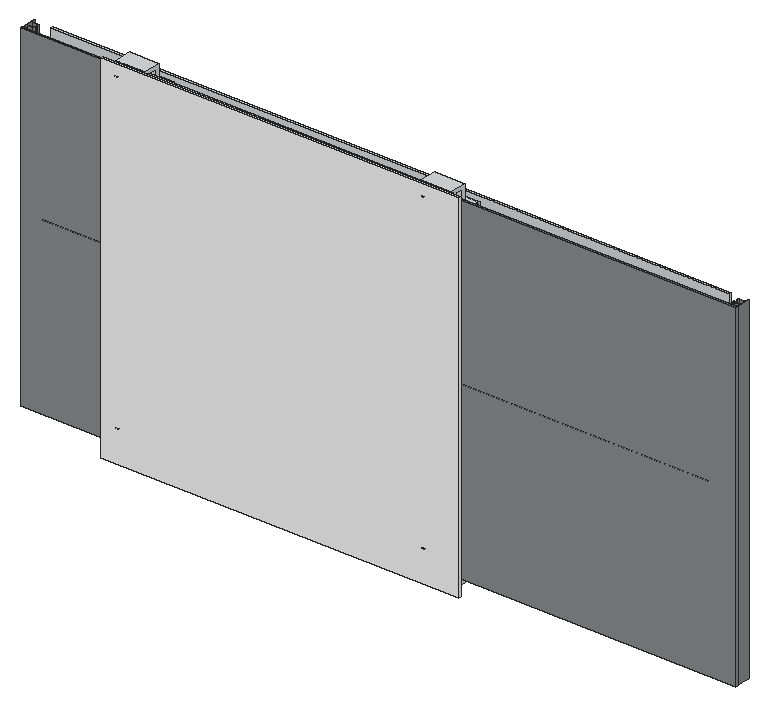
Revit family "Clarus_Glide_R20", category Furniture, host Face, Revit 2020
Family settings
  Host = Face
  Cut with Voids When Loaded = No
  Shared = No
  Room Calculation Point = No
Parameters (values of type "Horizontal 96" Fixed x 48" Slider x 48" Height")
  Slider Control [instance] = if(Slider Position_From Left > (Fixed Width Control - Sliding Panel Width), (Fixed Width Control - Sliding Panel Width), Slider Position_From Left)  # 12"
  Show Slider Panel [instance] = yes
  Show Right End Piece [instance] = yes
  Show Left End Piece [instance] = yes
  MinHeightV = 38 1/2"  # constant formula
  MinHeightH = 38 1/2"  # constant formula
  MaxHeightV = 98 1/2"  # constant formula
  MaxHeightH = 50 1/2"  # constant formula
  Hardware = Clarus Hardware
  Fixed Width Control = if(Horizontal Orientation, if(Fixed Panel Width < FMinWidthH, FMinWidthH, if(Fixed Panel Width > FMaxWidthH, FMaxWidthH, Fixed Panel Width)), if(Fixed Panel Width < FMinWidthV, FMinWidthV, if(Fixed Panel Width > FMaxWidthV, FMaxWidthV, Fixed Panel Width)))  # 96"
  Vertical Orientation = not(Horizontal Orientation)  # no
  Sliding Panel Width = 48"
  Slider Height Control = if(Horizontal Orientation, if(Sliding Panel Height < MinHeightH, MinHeightH, if(Sliding Panel Height > MaxHeightH, MaxHeightH, Sliding Panel Height)), if(Sliding Panel Height < MinHeightV, MinHeightV, if(Sliding Panel Height > MaxHeightV, MaxHeightV, Sliding Panel Height)))  # 48"
  Sliding Panel Height = 48"
  Slider Width Control = if(Horizontal Orientation, if(Sliding Panel Width < MinWidthH, MinWidthH, if(Sliding Panel Width > MaxWidthH, MaxWidthH, Sliding Panel Width)), if(Sliding Panel Width < MinWidthV, MinWidthV, if(Sliding Panel Width > MaxWidthV, MaxWidthV, Sliding Panel Width)))  # 48"
  Slider Position_From Left [instance] = 12"
  Horizontal Orientation = yes
  Fixed Panel Width = 96"
  URL = "https://www.clarus.com/"
  TRC Standards [instance] = "http://therevitcollection.com/news/trc-news-the-revit-collection-standards-explained/"
  Product URL = "https://www.clarus.com/glide/"
  More Revit Families! [instance] = "www.therevitcollection.com"
  Modeled By = "Commense Studio"  # constant formula
  Model = "Glide"  # constant formula
  MinWidthV = 36"  # constant formula
  MinWidthH = 36"  # constant formula
  MaxWidthV = 48"  # constant formula
  MaxWidthH = 96"  # constant formula
  Manufacturer = "Clarus"  # constant formula
  Height to Bottom of Fixed Panel [instance] = 18"
  Fixed Panel [instance] = Clarus Gray
  Slider Panel [instance] = CBC-100 Pure White
  FMinWidthV = 36"  # constant formula
  FMinWidthH = 36"  # constant formula
  FMaxWidthV = 48"  # constant formula
  FMaxWidthH = 96"  # constant formula
  Description = "For years, the fixed walls of modern office spaces have been steadily removed to create an open environment. Glide is the next step in the revolution, maximizing existing wall space to provide hundreds of consolidated square feet of glass writing surface and inspire personal communication and collaboration."  # constant formula
  Fixed Panel Height = Slider Height Control - 2 1/2"  # 45 1/2"
  Designer = ""
  Depth = 3 3/4"  # constant formula
  Default Elevation = 0"
  Assembly Code = ""
Types (3): name | Slider Control | Fixed Width Control | Vertical Orientation | Sliding Panel Width | Slider Width Control | Slider Position_From Left | Horizontal Orientation | Fixed Panel Width
  (no name) | 12" | 96" | no | 48" | 48" | 12" | yes | 96"
  Horizontal 96" Fixed x 48" Slider x 48" Height | 12" | 96" | no | 48" | 48" | 12" | yes | 96"
  Vertical 48" Fixed x 36" Slider x 48" Height | 6" | 48" | yes | 36" | 36" | 6" | no | 48"
Reference planes (in)
  plane 1 "Center (Front/Back)": y = 0
  plane 2: z = 0
  plane 3 "Center (Left/Right)": x = 0
  plane 4 "L": x = -48
  plane 5 "R": x = 48
  plane 6 "F": y = -3.75
  plane 7 "tt2": z = 18
  plane 8 "tt1": z = 63.5
  plane 9 "W": y = -2.25
  plane 10: x = -35.9375
  plane 11: x = 12.0625
  plane 12 "mid": z = 40.75
  plane 13: z = 64.75
  plane 14: z = 16.75
  plane 15 "X": y = -3.5
  plane 16: x = 45.5
  plane 17: x = -45.5
  plane 18 "low rail": z = 23.25
  plane 19 "high rail": z = 58.25275
  plane 20: x = -34.4375
  plane 21: x = -30.43767
  plane 22: x = 10.5625
  plane 23: x = 6.56267
  plane 24: x = -28.93767
  plane 25 "rev": z = 61.87719
  plane 26: x = 5.06267
  plane 27 "rev4": z = 19.62281
  plane 28 "edge2": x = -35.4375
  plane 29 "edge": x = 11.5625
  plane 30: y = -2.66607
  plane 31 "edge3": y = -3
  plane 32: x = -47.9375
Forms (in)
  Extrusion 1, solid, material "Clarus Gray" <- "Fixed Panel"
    sketch origin (0, 0, 0) x (1, 0, 0) y (0, 1, 0)
      loop
        line (-48, -2.25) -> (48, -2.25) -> (48, -2) -> (-48, -2) -> (-48, -2.25)
    from 18 to 63.5
  Extrusion 2, solid, material "CBC-100 Pure White" <- "Slider Panel", visible <- "Show Slider Panel"
    sketch origin (0, 0, 0) x (1, 0, 0) y (0, 1, 0)
      loop
        line (12.0625, -3.75) -> (12.0625, -3.5) -> (-35.9375, -3.5) -> (-35.9375, -3.75) -> (12.0625, -3.75)
    from 16.75 to 64.75
  Sweep 3, solid, material "Clarus Hardware" <- "Hardware"
    path origin (0, 0, 40.75) x (-1, 0, 0) y (0, -1, 0)
      loop
        line (45.5, 0) -> (-45.5, 0)
    profile "Profile_Gilde_Mid : Profile_Gilde_Mid" origin (0, 0, 40.75) x (0, 1, 0) y (0, 0, 1)
      loop
        line (-1.78625, 0.8125) -> (-1.63837, 0.8125) -> (-1.63837, 1.44234) -> (-1.78625, 1.44234) -> (-1.78625, 0.8125)
      loop
        line (0, 0.8125) -> (-0.125, 0.8125) -> (-0.125, 0.1875) -> (-0.39875, 0.1875) -> (-0.39875, 0.3175) -> (-1.47822, 0.3175) -> (-1.47822, 1.6025) -> (-1.94625, 1.6025) -> (-1.94625, -0.8975) -> (-1.78625, -0.8975) -> (-1.78625, 0.45)
        arc (-1.78625, 0.45) -> (-1.70937, 0.26438) -> (-1.52375, 0.1875) r 0.2625
        line (-1.52375, 0.1875) -> (-1.375, 0.1875) -> (-1.375, 0.0625) -> (-0.26222, 0.0625)
        arc (-0.26222, 0.0625) -> (-0.16519, 0.02231) -> (-0.125, -0.07472) r 0.13722
        line (-0.125, -0.07472) -> (-0.125, -0.8125) -> (0, -0.8125) -> (0, 0.8125)
  Sweep 4, solid, material "Clarus Hardware" <- "Hardware"
    path origin (0, 0, 58.25275) x (-1, 0, 0) y (0, -1, 0)
      loop
        line (45.5, 0) -> (-45.5, 0)
    profile "Profile_Gilde_Top : Profile_Gilde_Top" origin (0, 0, 58.25275) x (0, 1, 0) y (0, 0, 1)
      loop
        line (-0.15625, 0.41375) -> (-0.91375, 0.41375) -> (-0.91375, 0.15625) -> (-0.15625, 0.15625) -> (-0.15625, 0.41375)
      loop
        line (-1.94625, -1.055) -> (-1.78625, -1.055) -> (-1.78625, 0) -> (0, 0) -> (0, 5.24725) -> (-0.2, 5.24725) -> (-0.2, 2.43475) -> (-1.45, 2.43475) -> (-1.45, 2.62225) -> (-1.6425, 2.62225) -> (-1.6425, 4.68475) -> (-1.6025, 4.68475) -> (-1.6025, 4.74725) -> (-1.8925, 4.74725) -> (-1.8925, 2.05975) -> (-0.66, 2.05975) -> (-0.66, 1.84975) -> (-0.278, 1.84975) -> (-0.278, 1.50525) -> (-0.66, 1.50525) -> (-0.66, 1.14975) -> (-0.2, 1.14975) -> (-0.2, 0.57) -> (-1.07, 0.57) -> (-1.07, 0.16) -> (-1.48625, 0.16) -> (-1.48625, 1.45869) -> (-1.94625, 1.45869) -> (-1.94625, -1.055)
  Sweep 5, solid, material "Clarus Hardware" <- "Hardware"
    path origin (0, 0, 23.25) x (-1, 0, 0) y (0, -1, 0)
      loop
        line (45.5, 0) -> (-45.5, 0)
    profile "Profile_Gilde_Top : Profile_Gilde_Top" origin (0, 0, 23.25) x (0, 1, 0) y (0, 0, 1)
      loop
        line (-0.15625, -0.41375) -> (-0.15625, -0.15625) -> (-0.91375, -0.15625) -> (-0.91375, -0.41375) -> (-0.15625, -0.41375)
      loop
        line (-1.94625, 1.055) -> (-1.94625, -1.45869) -> (-1.48625, -1.45869) -> (-1.48625, -0.16) -> (-1.07, -0.16) -> (-1.07, -0.57) -> (-0.2, -0.57) -> (-0.2, -1.14975) -> (-0.66, -1.14975) -> (-0.66, -1.50525) -> (-0.278, -1.50525) -> (-0.278, -1.84975) -> (-0.66, -1.84975) -> (-0.66, -2.05975) -> (-1.8925, -2.05975) -> (-1.8925, -4.74725) -> (-1.6025, -4.74725) -> (-1.6025, -4.68475) -> (-1.6425, -4.68475) -> (-1.6425, -2.62225) -> (-1.45, -2.62225) -> (-1.45, -2.43475) -> (-0.2, -2.43475) -> (-0.2, -5.24725) -> (0, -5.24725) -> (0, 0) -> (-1.78625, 0) -> (-1.78625, 1.055) -> (-1.94625, 1.055)
  Extrusion 6, solid, material "Clarus Hardware" <- "Hardware", visible <- "Show Slider Panel"
    sketch origin (0, 0, 0) x (0, 1, 0) y (0, 0, 1)
      loop
        line (-1.40607, 62.85652) -> (-0.90607, 62.85652) -> (-0.90607, 64.75219) -> (-3.24607, 64.75219) -> (-3.24607, 64.55219) -> (-2.85107, 64.55219) -> (-2.85107, 64.17719) -> (-2.99607, 64.17719) -> (-2.99607, 64.30219) -> (-3.12107, 64.30219) -> (-3.12107, 63.80219) -> (-2.66607, 63.80219) -> (-2.66607, 63.30219) -> (-2.54107, 63.30219) -> (-2.54107, 63.42719) -> (-2.40607, 63.42719) -> (-2.40607, 64.25219) -> (-1.40607, 64.25219) -> (-1.40607, 62.85652)
    from -34.4375 to -30.43767
  Extrusion 7, solid, material "Clarus Hardware" <- "Hardware", visible <- "Show Slider Panel"
    sketch origin (-10, 0, 0) x (0, 1, 0) y (0, 0, -1)
      loop
        line (-1.40607, -62.50219) -> (-1.40607, -64.25219) -> (-2.40607, -64.25219) -> (-2.40607, -63.42719) -> (-2.54107, -63.42719) -> (-2.54107, -63.30219) -> (-2.66607, -63.30219) -> (-2.66607, -63.80219) -> (-3.12107, -63.80219) -> (-3.12107, -64.30219) -> (-2.99607, -64.30219) -> (-2.99607, -64.17719) -> (-2.85107, -64.17719) -> (-2.85107, -64.55219) -> (-3.24607, -64.55219) -> (-3.24607, -64.75219) -> (-0.90607, -64.75219) -> (-0.90607, -62.50219) -> (-1.40607, -62.50219)
    from -20.5625 to -16.56267
  Revolve 8, solid, material "Clarus Hardware" <- "Hardware", visible <- "Show Slider Panel"
    sketch origin (0, 0, 61.87719) x (-1, 0, 0) y (0, -1, 0)
      loop
        line (28.93767, 0.39875) -> (36.01067, 0.39875) -> (36.01067, 0.46459) -> (36.10569, 0.48134) -> (36.14533, 0.55) -> (36.16825, 0.42)
        arc (36.16825, 0.42) -> (36.48214, 0.3989) -> (36.78479, 0.4848) r 0.91988
        arc (36.78479, 0.4848) -> (36.87993, 0.51772) -> (36.98007, 0.52804) r 0.43768
        line (36.98007, 0.52804) -> (37.02067, 0.625) -> (37.02067, 0.68427) -> (36.98204, 0.68427)
        arc (36.98204, 0.68427) -> (36.84615, 0.67028) -> (36.71705, 0.6256) r 0.59393
        arc (36.71705, 0.6256) -> (36.51366, 0.56086) -> (36.3003, 0.55493) r 0.76363
        line (36.3003, 0.55493) -> (36.25866, 0.7911) -> (36.25866, 0.95143) -> (28.93767, 0.95143) -> (28.93767, 0.39875)
      axis (37.02067, 0.95143) -> (28.93767, 0.95143)
    angle from 0 to 360
  Extrusion 9, solid, material "Clarus Hardware" <- "Hardware", visible <- "Show Slider Panel"
    sketch origin (0, 0, 0) x (0, 1, 0) y (0, 0, 1)
      loop
        arc (-1.49279, 62.85652) -> (-1.55908, 62.82906) -> (-1.58654, 62.76277) r 0.09375
        line (-1.58654, 62.76277) -> (-1.58654, 60.99161)
        arc (-1.58654, 60.99161) -> (-1.55908, 60.92532) -> (-1.49279, 60.89786) r 0.09375
        line (-1.49279, 60.89786) -> (-0.41307, 60.89786)
        arc (-0.41307, 60.89786) -> (-0.34678, 60.92532) -> (-0.31932, 60.99161) r 0.09375
        line (-0.31932, 60.99161) -> (-0.31932, 62.76277)
        arc (-0.31932, 62.76277) -> (-0.34678, 62.82906) -> (-0.41307, 62.85652) r 0.09375
        line (-0.41307, 62.85652) -> (-1.49279, 62.85652)
      loop
        arc (-1.49279, 62.79402) -> (-1.51489, 62.78487) -> (-1.52404, 62.76277) r 0.03125
        line (-1.52404, 62.76277) -> (-1.52404, 60.99161)
        arc (-1.52404, 60.99161) -> (-1.51489, 60.96951) -> (-1.49279, 60.96036) r 0.03125
        line (-1.49279, 60.96036) -> (-0.41307, 60.96036)
        arc (-0.41307, 60.96036) -> (-0.39097, 60.96951) -> (-0.38182, 60.99161) r 0.03125
        line (-0.38182, 60.99161) -> (-0.38182, 62.76277)
        arc (-0.38182, 62.76277) -> (-0.39097, 62.78487) -> (-0.41307, 62.79402) r 0.03125
        line (-0.41307, 62.79402) -> (-1.49279, 62.79402)
    from -35.9375 to -28.93767
  Extrusion 10, solid, material "Clarus Hardware" <- "Hardware", visible <- "Show Slider Panel"
    sketch origin (-10, 0, 0) x (0, 1, 0) y (0, 0, -1)
      loop
        line (-1.49279, -62.85652) -> (-0.41307, -62.85652)
        arc (-0.41307, -62.85652) -> (-0.34678, -62.82906) -> (-0.31932, -62.76277) r 0.09375
        line (-0.31932, -62.76277) -> (-0.31932, -60.99161)
        arc (-0.31932, -60.99161) -> (-0.34678, -60.92532) -> (-0.41307, -60.89786) r 0.09375
        line (-0.41307, -60.89786) -> (-1.49279, -60.89786)
        arc (-1.49279, -60.89786) -> (-1.55908, -60.92532) -> (-1.58654, -60.99161) r 0.09375
        line (-1.58654, -60.99161) -> (-1.58654, -62.76277)
        arc (-1.58654, -62.76277) -> (-1.55908, -62.82906) -> (-1.49279, -62.85652) r 0.09375
      loop
        line (-1.49279, -62.79402) -> (-0.41307, -62.79402)
        arc (-0.41307, -62.79402) -> (-0.39097, -62.78487) -> (-0.38182, -62.76277) r 0.03125
        line (-0.38182, -62.76277) -> (-0.38182, -60.99161)
        arc (-0.38182, -60.99161) -> (-0.39097, -60.96951) -> (-0.41307, -60.96036) r 0.03125
        line (-0.41307, -60.96036) -> (-1.49279, -60.96036)
        arc (-1.49279, -60.96036) -> (-1.51489, -60.96951) -> (-1.52404, -60.99161) r 0.03125
        line (-1.52404, -60.99161) -> (-1.52404, -62.76277)
        arc (-1.52404, -62.76277) -> (-1.51489, -62.78487) -> (-1.49279, -62.79402) r 0.03125
    from -22.0625 to -15.06267
  Revolve 11, solid, material "Clarus Hardware" <- "Hardware", visible <- "Show Slider Panel"
    sketch origin (14, 0, 61.87719) x (1, 0, 0) y (0, -1, 0)
      loop
        line (-8.93733, 0.39875) -> (-1.86433, 0.39875) -> (-1.86433, 0.46459) -> (-1.76931, 0.48134) -> (-1.72967, 0.55) -> (-1.70675, 0.42)
        arc (-1.70675, 0.42) -> (-1.39286, 0.3989) -> (-1.09021, 0.4848) r 0.91988
        arc (-1.09021, 0.4848) -> (-0.99507, 0.51772) -> (-0.89493, 0.52804) r 0.43768
        line (-0.89493, 0.52804) -> (-0.85433, 0.625) -> (-0.85433, 0.68427) -> (-0.89296, 0.68427)
        arc (-0.89296, 0.68427) -> (-1.02885, 0.67028) -> (-1.15795, 0.6256) r 0.59393
        arc (-1.15795, 0.6256) -> (-1.36134, 0.56086) -> (-1.5747, 0.55493) r 0.76363
        line (-1.5747, 0.55493) -> (-1.61634, 0.7911) -> (-1.61634, 0.95143) -> (-8.93733, 0.95143) -> (-8.93733, 0.39875)
      axis (-0.85433, 0.95143) -> (-8.93733, 0.95143)
    angle from 0 to 360
  Extrusion 12, solid, material "Clarus Hardware" <- "Hardware", visible <- "Show Slider Panel"
    sketch origin (0, 0, 88) x (0, 1, 0) y (0, 0, 1)
      loop
        line (-1.40607, -69.35652) -> (-1.40607, -70.75219) -> (-2.40607, -70.75219) -> (-2.40607, -69.92719) -> (-2.54107, -69.92719) -> (-2.54107, -69.80219) -> (-2.66607, -69.80219) -> (-2.66607, -70.30219) -> (-3.12107, -70.30219) -> (-3.12107, -70.80219) -> (-2.99607, -70.80219) -> (-2.99607, -70.67719) -> (-2.85107, -70.67719) -> (-2.85107, -71.05219) -> (-3.24607, -71.05219) -> (-3.24607, -71.25219) -> (-0.90607, -71.25219) -> (-0.90607, -69.35652) -> (-1.40607, -69.35652)
    from -34.4375 to -30.43767
  Extrusion 13, solid, material "Clarus Hardware" <- "Hardware", visible <- "Show Slider Panel"
    sketch origin (-10, 0, 88) x (0, 1, 0) y (0, 0, -1)
      loop
        line (-1.40607, 69.00219) -> (-0.90607, 69.00219) -> (-0.90607, 71.25219) -> (-3.24607, 71.25219) -> (-3.24607, 71.05219) -> (-2.85107, 71.05219) -> (-2.85107, 70.67719) -> (-2.99607, 70.67719) -> (-2.99607, 70.80219) -> (-3.12107, 70.80219) -> (-3.12107, 70.30219) -> (-2.66607, 70.30219) -> (-2.66607, 69.80219) -> (-2.54107, 69.80219) -> (-2.54107, 69.92719) -> (-2.40607, 69.92719) -> (-2.40607, 70.75219) -> (-1.40607, 70.75219) -> (-1.40607, 69.00219)
    from -20.5625 to -16.56267
  Revolve 14, solid, material "Clarus Hardware" <- "Hardware", visible <- "Show Slider Panel"
    sketch origin (0, 0, 19.62281) x (0, -1, 0) y (-1, 0, 0)
      loop
        line (0.39875, 28.93767) -> (0.95143, 28.93767) -> (0.95143, 36.25866) -> (0.7911, 36.25866) -> (0.55493, 36.3003)
        arc (0.55493, 36.3003) -> (0.56086, 36.51366) -> (0.6256, 36.71705) r 0.76363
        arc (0.6256, 36.71705) -> (0.67028, 36.84615) -> (0.68427, 36.98204) r 0.59393
        line (0.68427, 36.98204) -> (0.68427, 37.02067) -> (0.625, 37.02067) -> (0.52804, 36.98007)
        arc (0.52804, 36.98007) -> (0.51772, 36.87993) -> (0.4848, 36.78479) r 0.43768
        arc (0.4848, 36.78479) -> (0.3989, 36.48214) -> (0.42, 36.16825) r 0.91988
        line (0.42, 36.16825) -> (0.55, 36.14533) -> (0.48134, 36.10569) -> (0.46459, 36.01067) -> (0.39875, 36.01067) -> (0.39875, 28.93767)
      axis (0.95143, 37.02067) -> (0.95143, 28.93767)
    angle from 0 to 360
  Extrusion 15, solid, material "Clarus Hardware" <- "Hardware", visible <- "Show Slider Panel"
    sketch origin (0, 0, 88) x (0, 1, 0) y (0, 0, 1)
      loop
        line (-1.49279, -69.35652) -> (-0.41307, -69.35652)
        arc (-0.41307, -69.35652) -> (-0.34678, -69.32906) -> (-0.31932, -69.26277) r 0.09375
        line (-0.31932, -69.26277) -> (-0.31932, -67.49161)
        arc (-0.31932, -67.49161) -> (-0.34678, -67.42532) -> (-0.41307, -67.39786) r 0.09375
        line (-0.41307, -67.39786) -> (-1.49279, -67.39786)
        arc (-1.49279, -67.39786) -> (-1.55908, -67.42532) -> (-1.58654, -67.49161) r 0.09375
        line (-1.58654, -67.49161) -> (-1.58654, -69.26277)
        arc (-1.58654, -69.26277) -> (-1.55908, -69.32906) -> (-1.49279, -69.35652) r 0.09375
      loop
        line (-1.49279, -69.29402) -> (-0.41307, -69.29402)
        arc (-0.41307, -69.29402) -> (-0.39097, -69.28487) -> (-0.38182, -69.26277) r 0.03125
        line (-0.38182, -69.26277) -> (-0.38182, -67.49161)
        arc (-0.38182, -67.49161) -> (-0.39097, -67.46951) -> (-0.41307, -67.46036) r 0.03125
        line (-0.41307, -67.46036) -> (-1.49279, -67.46036)
        arc (-1.49279, -67.46036) -> (-1.51489, -67.46951) -> (-1.52404, -67.49161) r 0.03125
        line (-1.52404, -67.49161) -> (-1.52404, -69.26277)
        arc (-1.52404, -69.26277) -> (-1.51489, -69.28487) -> (-1.49279, -69.29402) r 0.03125
    from -35.9375 to -28.93767
  Extrusion 16, solid, material "Clarus Hardware" <- "Hardware", visible <- "Show Slider Panel"
    sketch origin (-10, 0, 88) x (0, 1, 0) y (0, 0, -1)
      loop
        arc (-1.49279, 69.35652) -> (-1.55908, 69.32906) -> (-1.58654, 69.26277) r 0.09375
        line (-1.58654, 69.26277) -> (-1.58654, 67.49161)
        arc (-1.58654, 67.49161) -> (-1.55908, 67.42532) -> (-1.49279, 67.39786) r 0.09375
        line (-1.49279, 67.39786) -> (-0.41307, 67.39786)
        arc (-0.41307, 67.39786) -> (-0.34678, 67.42532) -> (-0.31932, 67.49161) r 0.09375
        line (-0.31932, 67.49161) -> (-0.31932, 69.26277)
        arc (-0.31932, 69.26277) -> (-0.34678, 69.32906) -> (-0.41307, 69.35652) r 0.09375
        line (-0.41307, 69.35652) -> (-1.49279, 69.35652)
      loop
        arc (-1.49279, 69.29402) -> (-1.51489, 69.28487) -> (-1.52404, 69.26277) r 0.03125
        line (-1.52404, 69.26277) -> (-1.52404, 67.49161)
        arc (-1.52404, 67.49161) -> (-1.51489, 67.46951) -> (-1.49279, 67.46036) r 0.03125
        line (-1.49279, 67.46036) -> (-0.41307, 67.46036)
        arc (-0.41307, 67.46036) -> (-0.39097, 67.46951) -> (-0.38182, 67.49161) r 0.03125
        line (-0.38182, 67.49161) -> (-0.38182, 69.26277)
        arc (-0.38182, 69.26277) -> (-0.39097, 69.28487) -> (-0.41307, 69.29402) r 0.03125
        line (-0.41307, 69.29402) -> (-1.49279, 69.29402)
    from -22.0625 to -15.06267
  Revolve 17, solid, material "Clarus Hardware" <- "Hardware", visible <- "Show Slider Panel"
    sketch origin (14, 0, 19.62281) x (0, -1, 0) y (1, 0, 0)
      loop
        line (0.39875, -8.93733) -> (0.95143, -8.93733) -> (0.95143, -1.61634) -> (0.7911, -1.61634) -> (0.55493, -1.5747)
        arc (0.55493, -1.5747) -> (0.56086, -1.36134) -> (0.6256, -1.15795) r 0.76363
        arc (0.6256, -1.15795) -> (0.67028, -1.02885) -> (0.68427, -0.89296) r 0.59393
        line (0.68427, -0.89296) -> (0.68427, -0.85433) -> (0.625, -0.85433) -> (0.52804, -0.89493)
        arc (0.52804, -0.89493) -> (0.51772, -0.99507) -> (0.4848, -1.09021) r 0.43768
        arc (0.4848, -1.09021) -> (0.3989, -1.39286) -> (0.42, -1.70675) r 0.91988
        line (0.42, -1.70675) -> (0.55, -1.72967) -> (0.48134, -1.76931) -> (0.46459, -1.86433) -> (0.39875, -1.86433) -> (0.39875, -8.93733)
      axis (0.95143, -0.85433) -> (0.95143, -8.93733)
    angle from 0 to 360
  Extrusion 18, solid, material "Clarus Hardware" <- "Hardware", visible <- "Show Slider Panel"
    sketch origin (0.5, 0.5, 0) x (1, 0, 0) y (0, 1, 0)
      loop
        line (11.0625, -4) -> (11.0625, -3.5) -> (-35.9375, -3.5) -> (-35.9375, -4) -> (11.0625, -4)
    from 18 to 63.5
  Sweep 19, solid, material "Clarus Hardware" <- "Hardware", visible <- "Show Slider Panel"
    path origin (0, 0, 63.5) x (-1, 0, 0) y (0, -1, 0)
      loop
        line (34.4375, 3.5) -> (-10.5625, 3.5)
    profile origin (-11.9375, -3.5, 63.5) x (0, 1, 0) y (0, 0, 1)
      loop
        line (0.5, 0) -> (0.5, -3.32281) -> (0.83393, -3.32281) -> (0.83393, -0.32281) -> (1.09393, -0.32281) -> (1.09393, -0.07281) -> (0.95893, -0.07281) -> (0.95893, -0.19781) -> (0.83393, -0.19781) -> (0.83393, 0.30219) -> (0.37893, 0.30219) -> (0.37893, 0.80515) -> (0.53514, 0.80515) -> (0.53514, 0.694) -> (0.62731, 0.694) -> (0.62731, 1.0383) -> (0, 1.0383) -> (0, 0) -> (0.5, 0)
  Sweep 20, solid, material "Clarus Hardware" <- "Hardware", visible <- "Show Slider Panel"
    path origin (0, 0, 18) x (-1, 0, 0) y (0, -1, 0)
      loop
        line (34.4375, 3.5) -> (-10.5625, 3.5)
    profile origin (-11.9375, -3.5, 18) x (0, 1, 0) y (0, 0, 1)
      loop
        line (0.5, 0) -> (0, 0) -> (0, -1.0383) -> (0.62731, -1.0383) -> (0.62731, -0.694) -> (0.53514, -0.694) -> (0.53514, -0.80515) -> (0.37893, -0.80515) -> (0.37893, -0.30219) -> (0.83393, -0.30219) -> (0.83393, 0.19781) -> (0.95893, 0.19781) -> (0.95893, 0.07281) -> (1.09393, 0.07281) -> (1.09393, 0.32281) -> (0.83393, 0.32281) -> (0.83393, 3.32281) -> (0.5, 3.32281) -> (0.5, 0)
  Sweep 21, solid, material "Clarus Hardware" <- "Hardware", visible <- "Show Slider Panel"
    path origin (0, -3, 0) x (0, 0, -1) y (-1, 0, 0)
      loop
        line (-63.5, -11.5625) -> (-18, -11.5625)
    profile origin (11.5625, -3, 40.75) x (0, 1, 0) y (-1, 0, 0)
      loop
        line (-0.5, 0) -> (-0.5, -0.09237) -> (0.09237, -0.09237) -> (0.09237, 0.5) -> (0, 0.5) -> (0, 0) -> (-0.5, 0)
  Sweep 22, solid, material "Clarus Hardware" <- "Hardware", visible <- "Show Slider Panel"
    path origin (2, -3, 0) x (0, 0, -1) y (1, 0, 0)
      loop
        line (-63.5, -37.4375) -> (-18, -37.4375)
    profile origin (-35.4375, -3, 40.75) x (0, 1, 0) y (-1, 0, 0)
      loop
        line (-0.5, 0) -> (0, 0) -> (0, -0.5) -> (0.09237, -0.5) -> (0.09237, 0.09237) -> (-0.5, 0.09237) -> (-0.5, 0)
  Extrusion 23, solid, material "Clarus Gray" <- "Fixed Panel", visible <- "Show Right End Piece"
    sketch origin (0, 0, 0) x (1, 0, 0) y (0, 1, 0)
      loop
        line (47.90625, -0.067) -> (47.813, -0.067) -> (47.813, -0.505) -> (46.907, -0.505) -> (46.907, -0.724) -> (47, -0.724) -> (47, -0.599) -> (47.813, -0.599) -> (47.813, -1.349) -> (47, -1.349) -> (47, -1.224) -> (46.907, -1.224) -> (46.907, -1.442) -> (47.813, -1.442) -> (47.813, -1.88) -> (47.90625, -1.88) -> (47.90625, -0.067)
    from 18 to 63.5
  Extrusion 24, solid, material "Clarus Gray" <- "Fixed Panel", visible <- "Show Right End Piece"
    sketch origin (0, 0, 0) x (-1, 0, 0) y (0, -1, 0)
      loop
        line (47.90625, 0.067) -> (47.90625, 1.88) -> (47.813, 1.88) -> (47.813, 1.442) -> (46.907, 1.442) -> (46.907, 1.224) -> (47, 1.224) -> (47, 1.349) -> (47.813, 1.349) -> (47.813, 0.599) -> (47, 0.599) -> (47, 0.724) -> (46.907, 0.724) -> (46.907, 0.505) -> (47.813, 0.505) -> (47.813, 0.067) -> (47.90625, 0.067)
    from 18 to 63.5
Lines and regions (in)
  Masking region 1
    outline origin (0, 0, 23.25) x (-1, 0, 0) y (0, -1, 0)
      loop
        line (45.5, 0) -> (45.5, 1.94625) -> (-45.5, 1.94625) -> (-45.5, 0) -> (45.5, 0)
  Masking region 2, visible <- "Show Slider Panel"
    outline origin (0, 0, 40.75) x (-1, 0, 0) y (0, -1, 0)
      loop
        line (36.9375, 1.37398) -> (35.9375, 1.58654) -> (28.93767, 1.58654) -> (28.93767, 0.31932) -> (35.9375, 0.31932) -> (36.9375, 0.53188) -> (36.9375, 1.37398)
      loop
        line (-13.0625, 1.37398) -> (-13.0625, 0.53188) -> (-12.0625, 0.31932) -> (-5.06267, 0.31932) -> (-5.06267, 1.58654) -> (-12.0625, 1.58654) -> (-13.0625, 1.37398)
  Masking region 3, visible <- "Show Slider Panel"
    outline origin (0, 0, 0) x (1, 0, 0) y (0, 1, 0)
      loop
        line (11.5625, -3) -> (-35.4375, -3) -> (-35.4375, -3.5) -> (11.5625, -3.5) -> (11.5625, -3)
  Masking region 4, visible <- "Show Slider Panel"
    outline origin (1, 0.75, 0) x (1, 0, 0) y (0, 1, 0)
      loop
        line (9.5625, -3) -> (-35.4375, -3) -> (-35.4375, -3.75) -> (9.5625, -3.75) -> (9.5625, -3)
  Masking region 5, visible <- "Show Slider Panel"
    outline origin (0, 0, 63.5) x (-1, 0, 0) y (0, -1, 0)
      loop
        line (-6.56267, 3.24607) -> (-10.5625, 3.24607) -> (-10.5625, 0.90607) -> (-6.56267, 0.90607) -> (-6.56267, 3.24607)
      loop
        line (30.43767, 3.24607) -> (30.43767, 0.90607) -> (34.4375, 0.90607) -> (34.4375, 3.24607) -> (30.43767, 3.24607)
  symbolic lines
    curve 1: line (-35.9375, -1.58654, 0) -> (-35.9375, -0.31932, 0)
    curve 2: line (12.0625, -1.58654, 0) -> (12.0625, -0.31932, 0)
Dimensions and locks (in)
  equal spacing: plane 4 "L", plane 3 "Center (Left/Right)", plane 5 "R"
  "Fixed Width Control": plane 4 "L" to plane 5 "R"
  "Depth": plane 6 "F" to plane 1 "Center (Front/Back)"
  "Height to Bottom of Fixed Panel": plane 7 "tt2" to level
  "Fixed Panel Height": plane 8 "tt1" to plane 7 "tt2"
  locked: plane 9 "W" to plane 1 "Center (Front/Back)" at 2.25
  "Slider Control": plane 32 to plane 10
  "Slider Width Control": plane 10 to plane 11
  equal spacing: plane 8 "tt1", plane 12 "mid", plane 7 "tt2"
  equal spacing: plane 13, plane 12 "mid", plane 14
  "Slider Height Control": plane 13 to plane 14
  locked: Extrusion 1 sketch curve to Extrusion 1 sketch curve at 0.25
  locked: plane 6 "F" to plane 15 "X" at 0.25
  locked: plane 4 "L" to plane 17 at 2.5
  locked: plane 16 to plane 5 "R" at 2.5
  locked: plane 8 "tt1" to plane 19 "high rail" at 5.24725
  locked: plane 18 "low rail" to plane 7 "tt2" at 5.25
  plane 10 to plane 20 to plane 21 to plane 24 = 1 1/2" locked, 3.99983" locked, 1 1/2" locked
  plane 11 to plane 22 to plane 23 to plane 26 = 1 1/2" locked, 3.99983" locked, 1 1/2" locked
  locked: plane 25 "rev" to plane 19 "high rail" at 3.62444
  locked: plane 27 "rev4" to plane 7 "tt2" at 1.62281
  locked: plane 10 to plane 28 "edge2" at 0.5
  locked: plane 11 to plane 29 "edge" at 0.5
  locked: plane 4 "L" to plane 32 at 0.0625
  aligned and locked: plane 2 to host face
  aligned and locked: level to host face
  aligned and locked: plane 9 "W" to Extrusion 1 sketch curve
  aligned and locked: Extrusion 1 sketch curve to plane 4 "L"
  aligned and locked: plane 5 "R" to Extrusion 1 sketch curve
  aligned and locked: plane 8 "tt1" to Extrusion 1
  aligned and locked: Extrusion 1 to plane 7 "tt2"
  aligned and locked: Extrusion 2 sketch curve to plane 6 "F"
  aligned and locked: plane 11 to Extrusion 2 sketch curve
  aligned and locked: plane 15 "X" to Extrusion 2 sketch curve
  aligned and locked: Extrusion 2 sketch curve to plane 10
  aligned and locked: Extrusion 2 to plane 13
  aligned and locked: plane 13 to Extrusion 2
  aligned and locked: plane 14 to Extrusion 2
  aligned and locked: plane 16 to Sweep 3 sketch curve
  aligned and locked: plane 17 to Sweep 3 sketch curve
  aligned and locked: plane 16 to Sweep 4 sketch curve
  aligned and locked: plane 17 to Sweep 4 sketch curve
  aligned and locked: plane 20 to Extrusion 6
  aligned and locked: Extrusion 6 to plane 21
  aligned and locked: Extrusion 7 to plane 22  (x2)
  aligned and locked: plane 23 to Extrusion 7  (x2)
  aligned and locked: Extrusion 9 to plane 24
  aligned and locked: plane 10 to Extrusion 9
  aligned and locked: Extrusion 10 to plane 26
  aligned and locked: Extrusion 10 to plane 11
  aligned and locked: Extrusion 18 sketch curve to plane 31 "edge3"
  aligned and locked: plane 28 "edge2" to Extrusion 18 sketch curve
  aligned and locked: Extrusion 18 sketch curve to plane 15 "X"
  aligned and locked: plane 29 "edge" to Extrusion 18 sketch curve
  aligned and locked: plane 8 "tt1" to Extrusion 18
  aligned and locked: Extrusion 18 to plane 7 "tt2"
  aligned and locked: plane 22 to Sweep 19 sketch curve
  aligned and locked: plane 20 to Sweep 19 sketch curve
  aligned and locked: Extrusion 15 to plane 24
  aligned and locked: Extrusion 12 to plane 21
  aligned and locked: plane 20 to Extrusion 12
  aligned and locked: plane 10 to Extrusion 15
  aligned and locked: plane 22 to Extrusion 13
  aligned and locked: Extrusion 13 to plane 23
  aligned and locked: Extrusion 16 to plane 11
  aligned and locked: Extrusion 16 to plane 26
  aligned and locked: plane 7 "tt2" to Sweep 21 sketch curve
  aligned and locked: plane 29 "edge" to Sweep 21 sketch curve
  aligned and locked: plane 8 "tt1" to Sweep 21 sketch curve
  aligned and locked: Extrusion 23 to plane 7 "tt2"
  aligned and locked: plane 8 "tt1" to Extrusion 23
  aligned and locked: plane 24 to Masking region 2 sketch curve
  aligned and locked: Masking region 2 sketch curve to plane 26
  aligned and locked: plane 20 to Masking region 4
  aligned and locked: Masking region 4 to plane 31 "edge3"
  aligned and locked: plane 22 to Masking region 4
  aligned and locked: plane 8 "tt1" to Extrusion 24
  aligned and locked: Extrusion 24 to plane 7 "tt2"
Automatic sketch dimensions
  curve 1 to plane 10 = 0"
  curve 2 to plane 11 = 0"
  curve 2 to plane 9 "W" = 0.66346"
  curve 1 to plane 9 "W" = 0.66346"
  plane 1 "Center (Front/Back)" to curve 2 = 0.31932"
  plane 1 "Center (Front/Back)" to curve 1 = 0.31932"
  host sketch curve to host sketch curve = 96"  (x2)
  plane 1 "Center (Front/Back)" to Sweep 3 sketch curve = 0"
  plane 1 "Center (Front/Back)" to Sweep 4 sketch curve = 0"
  plane 1 "Center (Front/Back)" to Sweep 5 sketch curve = 0"
  Sweep 5 sketch curve to plane 16 = 0"
  Sweep 5 sketch curve to plane 17 = 0"
  Extrusion 6 sketch curve to plane 30 = 0"
  plane 31 "edge3" to Extrusion 6 sketch curve = 0.14893"
  plane 31 "edge3" to Extrusion 6 sketch curve = 1/256"
  Extrusion 6 sketch curve to plane 31 "edge3" = 31/256"
  plane 13 to Extrusion 6 sketch curve = 0.00219"
  Extrusion 6 sketch curve to plane 31 "edge3" = 63/256"
  plane 30 to Extrusion 6 sketch curve = 1/8"
  Extrusion 6 sketch curve to Extrusion 6 sketch curve = 0.135"
  Extrusion 6 sketch curve to plane 9 "W" = 0.84393"
  Extrusion 6 sketch curve to Extrusion 6 sketch curve = 1/2"
  Extrusion 6 sketch curve to plane 13 = 0.19781"
  Extrusion 6 sketch curve to Extrusion 6 sketch curve = 1/4"
  Extrusion 6 sketch curve to plane 13 = 0.49781"
  Extrusion 6 sketch curve to Extrusion 6 sketch curve = 1/8"  (x2)
  plane 8 "tt1" to Extrusion 6 sketch curve = 0.30219"
  Extrusion 6 sketch curve to plane 8 "tt1" = 0.07281"
  Extrusion 6 sketch curve to plane 8 "tt1" = 0.64348"
  Extrusion 7 sketch curve to plane 30 = 0"
  plane 31 "edge3" to Extrusion 7 sketch curve = 0.14893"
  plane 31 "edge3" to Extrusion 7 sketch curve = 1/256"
  Extrusion 7 sketch curve to plane 31 "edge3" = 31/256"
  plane 13 to Extrusion 7 sketch curve = 0.00219"
  Extrusion 7 sketch curve to plane 31 "edge3" = 63/256"
  plane 30 to Extrusion 7 sketch curve = 1/8"
  Extrusion 7 sketch curve to Extrusion 7 sketch curve = 0.135"
  Extrusion 7 sketch curve to plane 9 "W" = 0.84393"
  Extrusion 7 sketch curve to Extrusion 7 sketch curve = 1/2"
  Extrusion 7 sketch curve to plane 13 = 0.19781"
  Extrusion 7 sketch curve to Extrusion 7 sketch curve = 1/4"
  Extrusion 7 sketch curve to plane 13 = 0.49781"
  Extrusion 7 sketch curve to Extrusion 7 sketch curve = 1/8"  (x2)
  plane 8 "tt1" to Extrusion 7 sketch curve = 0.30219"
  Extrusion 7 sketch curve to plane 8 "tt1" = 0.07281"
  Extrusion 7 sketch curve to plane 25 "rev" = 5/8"
  Revolve 8 sketch curve to Revolve 8 sketch curve = 0"  (x5)
  Revolve 8 sketch curve to plane 24 = 0"
  plane 10 to Revolve 8 sketch curve = 0.07317"
  Revolve 8 sketch curve to Revolve 8 sketch curve = 0.09502"
  Revolve 8 sketch curve to Revolve 8 sketch curve = 0.03964"
  Revolve 8 sketch curve to Revolve 8 sketch curve = 0.06256"
  plane 10 to Revolve 8 sketch curve = 0.32116"
  Revolve 8 sketch curve to Revolve 8 sketch curve = 0.15497"
  Revolve 8 sketch curve to Revolve 8 sketch curve = 0.12733"
  plane 1 "Center (Front/Back)" to Revolve 8 sketch curve = 0.09039"
  Revolve 8 sketch curve to Revolve 8 sketch curve = 0.67424"
  Revolve 8 sketch curve to Revolve 8 sketch curve = 0.00553"
  Revolve 8 sketch curve to Revolve 8 sketch curve = 0.00197"
  Revolve 8 sketch curve to Revolve 8 sketch curve = 0.03863"
  plane 1 "Center (Front/Back)" to Revolve 8 sketch curve = 0.39875"
  Revolve 8 sketch curve to Revolve 8 sketch curve = 0.02125"
  Revolve 8 sketch curve to Revolve 8 sketch curve = 0.06584"
  Revolve 8 sketch curve to Revolve 8 sketch curve = 0.06134"
  Revolve 8 sketch curve to Revolve 8 sketch curve = 0.43765"
  Revolve 8 sketch curve to Revolve 8 sketch curve = 0.06866"
  Revolve 8 sketch curve to Revolve 8 sketch curve = 0.00493"
  Revolve 8 sketch curve to Revolve 8 sketch curve = 0.09696"
  Revolve 8 sketch curve to Revolve 8 sketch curve = 0.05927"
  Revolve 8 sketch curve to Revolve 8 sketch curve = 0.23616"
  Revolve 8 sketch curve to Revolve 8 sketch curve = 0.16034"
  Revolve 8 sketch curve to Revolve 8 sketch curve = 0.36231"
  Revolve 8 sketch curve to plane 20 = 0.42159"
  plane 1 "Center (Front/Back)" to Revolve 8 sketch curve = 0.95143"
  Extrusion 9 sketch curve to Extrusion 9 sketch curve = 0"  (x8)
  Extrusion 9 sketch curve to plane 9 "W" = 0.66346"
  Extrusion 9 sketch curve to Extrusion 9 sketch curve = 1/16"
  Extrusion 9 sketch curve to Extrusion 9 sketch curve = 1/32"  (x3)
  plane 1 "Center (Front/Back)" to Extrusion 9 sketch curve = 0.41307"  (x2)
  plane 25 "rev" to Extrusion 9 sketch curve = 0.97933"
  Extrusion 9 sketch curve to plane 8 "tt1" = 0.73723"
  Extrusion 10 sketch curve to Extrusion 10 sketch curve = 0"  (x8)
  Extrusion 10 sketch curve to plane 9 "W" = 0.66346"
  Extrusion 10 sketch curve to Extrusion 10 sketch curve = 1/16"
  Extrusion 10 sketch curve to Extrusion 10 sketch curve = 1/32"  (x3)
  plane 1 "Center (Front/Back)" to Extrusion 10 sketch curve = 0.41307"  (x2)
  Extrusion 10 sketch curve to plane 8 "tt1" = 0.64348"
  plane 25 "rev" to Extrusion 10 sketch curve = 0.88558"
  Revolve 11 sketch curve to Revolve 11 sketch curve = 0"  (x5)
  Revolve 11 sketch curve to plane 26 = 0"
  plane 11 to Revolve 11 sketch curve = 0.07317"
  Revolve 11 sketch curve to Revolve 11 sketch curve = 0.09502"
  Revolve 11 sketch curve to Revolve 11 sketch curve = 0.03964"
  Revolve 11 sketch curve to Revolve 11 sketch curve = 0.06256"
  plane 11 to Revolve 11 sketch curve = 0.32116"
  Revolve 11 sketch curve to Revolve 11 sketch curve = 0.15497"
  Revolve 11 sketch curve to Revolve 11 sketch curve = 0.12733"
  Revolve 11 sketch curve to plane 1 "Center (Front/Back)" = 0.09039"
  Revolve 11 sketch curve to Revolve 11 sketch curve = 0.67424"
  Revolve 11 sketch curve to Revolve 11 sketch curve = 0.00553"
  Revolve 11 sketch curve to Revolve 11 sketch curve = 0.00197"
  Revolve 11 sketch curve to Revolve 11 sketch curve = 0.03863"
  Revolve 11 sketch curve to plane 1 "Center (Front/Back)" = 0.39875"
  Revolve 11 sketch curve to Revolve 11 sketch curve = 0.02125"
  Revolve 11 sketch curve to Revolve 11 sketch curve = 0.06584"
  Revolve 11 sketch curve to Revolve 11 sketch curve = 0.06134"
  Revolve 11 sketch curve to Revolve 11 sketch curve = 0.43765"
  Revolve 11 sketch curve to Revolve 11 sketch curve = 0.06866"
  Revolve 11 sketch curve to Revolve 11 sketch curve = 0.00493"
  Revolve 11 sketch curve to Revolve 11 sketch curve = 0.09696"
  Revolve 11 sketch curve to Revolve 11 sketch curve = 0.05927"
  Revolve 11 sketch curve to Revolve 11 sketch curve = 0.23616"
  Revolve 11 sketch curve to Revolve 11 sketch curve = 0.16034"
  Revolve 11 sketch curve to Revolve 11 sketch curve = 0.36231"
  plane 22 to Revolve 11 sketch curve = 0.42159"
  Revolve 11 sketch curve to plane 1 "Center (Front/Back)" = 0.95143"
  Extrusion 12 sketch curve to plane 30 = 0"
  Extrusion 12 sketch curve to plane 31 "edge3" = 0.14893"
  Extrusion 12 sketch curve to plane 31 "edge3" = 1/256"
  plane 31 "edge3" to Extrusion 12 sketch curve = 31/256"
  Extrusion 12 sketch curve to plane 14 = 0.00219"
  plane 31 "edge3" to Extrusion 12 sketch curve = 63/256"
  Extrusion 12 sketch curve to plane 30 = 1/8"
  Extrusion 12 sketch curve to Extrusion 12 sketch curve = 0.135"
  plane 9 "W" to Extrusion 12 sketch curve = 0.84393"
  Extrusion 12 sketch curve to Extrusion 12 sketch curve = 1/2"
  plane 14 to Extrusion 12 sketch curve = 0.19781"
  Extrusion 12 sketch curve to Extrusion 12 sketch curve = 1/4"
  plane 14 to Extrusion 12 sketch curve = 0.49781"
  Extrusion 12 sketch curve to Extrusion 12 sketch curve = 1/8"  (x2)
  plane 7 "tt2" to Extrusion 12 sketch curve = 0.30219"
  Extrusion 12 sketch curve to plane 7 "tt2" = 0.07281"
  Extrusion 12 sketch curve to plane 7 "tt2" = 0.64348"
  Extrusion 13 sketch curve to plane 30 = 0"
  plane 31 "edge3" to Extrusion 13 sketch curve = 0.14893"
  plane 31 "edge3" to Extrusion 13 sketch curve = 1/256"
  Extrusion 13 sketch curve to plane 31 "edge3" = 31/256"
  plane 14 to Extrusion 13 sketch curve = 0.00219"
  Extrusion 13 sketch curve to plane 31 "edge3" = 63/256"
  plane 30 to Extrusion 13 sketch curve = 1/8"
  Extrusion 13 sketch curve to Extrusion 13 sketch curve = 0.135"
  Extrusion 13 sketch curve to plane 9 "W" = 0.84393"
  Extrusion 13 sketch curve to Extrusion 13 sketch curve = 1/2"
  Extrusion 13 sketch curve to plane 14 = 0.19781"
  Extrusion 13 sketch curve to Extrusion 13 sketch curve = 1/4"
  Extrusion 13 sketch curve to plane 14 = 0.49781"
  Extrusion 13 sketch curve to Extrusion 13 sketch curve = 1/8"  (x2)
  Extrusion 13 sketch curve to plane 7 "tt2" = 0.30219"
  plane 7 "tt2" to Extrusion 13 sketch curve = 0.07281"
  Extrusion 13 sketch curve to plane 27 "rev4" = 5/8"
  Revolve 14 sketch curve to Revolve 14 sketch curve = 0"  (x5)
  Revolve 14 sketch curve to plane 24 = 0"
  Revolve 14 sketch curve to plane 1 "Center (Front/Back)" = 0.09039"
  Revolve 14 sketch curve to plane 10 = 0.07317"
  Revolve 14 sketch curve to plane 1 "Center (Front/Back)" = 0.39875"
  Revolve 14 sketch curve to Revolve 14 sketch curve = 0.02125"
  Revolve 14 sketch curve to Revolve 14 sketch curve = 0.06584"
  Revolve 14 sketch curve to plane 10 = 0.16819"
  Revolve 14 sketch curve to Revolve 14 sketch curve = 0.06134"
  Revolve 14 sketch curve to Revolve 14 sketch curve = 0.43765"
  Revolve 14 sketch curve to plane 10 = 0.20783"
  Revolve 14 sketch curve to Revolve 14 sketch curve = 0.06866"
  Revolve 14 sketch curve to Revolve 14 sketch curve = 0.00493"
  Revolve 14 sketch curve to Revolve 14 sketch curve = 0.09696"
  Revolve 14 sketch curve to Revolve 14 sketch curve = 0.05927"
  Revolve 14 sketch curve to Revolve 14 sketch curve = 0.23616"
  Revolve 14 sketch curve to Revolve 14 sketch curve = 0.16034"
  Revolve 14 sketch curve to Revolve 14 sketch curve = 0.36231"
  Revolve 14 sketch curve to Revolve 14 sketch curve = 0.06256"
  Revolve 14 sketch curve to plane 10 = 0.32116"
  Revolve 14 sketch curve to Revolve 14 sketch curve = 0.15497"
  Revolve 14 sketch curve to Revolve 14 sketch curve = 0.12733"
  Revolve 14 sketch curve to Revolve 14 sketch curve = 0.67424"
  Revolve 14 sketch curve to Revolve 14 sketch curve = 0.19528"
  Revolve 14 sketch curve to Revolve 14 sketch curve = 0.00197"
  Revolve 14 sketch curve to Revolve 14 sketch curve = 0.03863"
  plane 20 to Revolve 14 sketch curve = 0.42159"
  Revolve 14 sketch curve to plane 1 "Center (Front/Back)" = 0.95143"
  Extrusion 15 sketch curve to Extrusion 15 sketch curve = 0"  (x8)
  plane 9 "W" to Extrusion 15 sketch curve = 0.66346"
  Extrusion 15 sketch curve to Extrusion 15 sketch curve = 1/16"
  Extrusion 15 sketch curve to Extrusion 15 sketch curve = 1/32"  (x3)
  Extrusion 15 sketch curve to plane 1 "Center (Front/Back)" = 0.41307"  (x2)
  Extrusion 15 sketch curve to plane 27 "rev4" = 0.97933"
  Extrusion 15 sketch curve to plane 7 "tt2" = 0.73723"
  Extrusion 16 sketch curve to Extrusion 16 sketch curve = 0"  (x8)
  Extrusion 16 sketch curve to plane 9 "W" = 0.66346"
  Extrusion 16 sketch curve to Extrusion 16 sketch curve = 1/16"
  Extrusion 16 sketch curve to Extrusion 16 sketch curve = 1/32"  (x3)
  plane 1 "Center (Front/Back)" to Extrusion 16 sketch curve = 0.41307"  (x2)
  plane 27 "rev4" to Extrusion 16 sketch curve = 0.97933"
  plane 7 "tt2" to Extrusion 16 sketch curve = 0.73723"
  Revolve 17 sketch curve to Revolve 17 sketch curve = 0"  (x5)
  Revolve 17 sketch curve to plane 26 = 0"
  plane 1 "Center (Front/Back)" to Revolve 17 sketch curve = 0.09039"
  Revolve 17 sketch curve to plane 11 = 0.07317"
  plane 1 "Center (Front/Back)" to Revolve 17 sketch curve = 0.39875"
  Revolve 17 sketch curve to Revolve 17 sketch curve = 0.02125"
  Revolve 17 sketch curve to Revolve 17 sketch curve = 0.06584"
  Revolve 17 sketch curve to plane 11 = 0.16819"
  Revolve 17 sketch curve to Revolve 17 sketch curve = 0.06134"
  Revolve 17 sketch curve to Revolve 17 sketch curve = 0.43765"
  Revolve 17 sketch curve to plane 11 = 0.20783"
  Revolve 17 sketch curve to Revolve 17 sketch curve = 0.06866"
  Revolve 17 sketch curve to Revolve 17 sketch curve = 0.00493"
  Revolve 17 sketch curve to Revolve 17 sketch curve = 0.09696"
  Revolve 17 sketch curve to Revolve 17 sketch curve = 0.05927"
  Revolve 17 sketch curve to Revolve 17 sketch curve = 0.23616"
  Revolve 17 sketch curve to Revolve 17 sketch curve = 0.16034"
  Revolve 17 sketch curve to Revolve 17 sketch curve = 0.36231"
  Revolve 17 sketch curve to Revolve 17 sketch curve = 0.06256"
  Revolve 17 sketch curve to plane 11 = 0.32116"
  Revolve 17 sketch curve to Revolve 17 sketch curve = 0.15497"
  Revolve 17 sketch curve to Revolve 17 sketch curve = 0.12733"
  Revolve 17 sketch curve to Revolve 17 sketch curve = 0.67424"
  Revolve 17 sketch curve to Revolve 17 sketch curve = 0.19528"
  Revolve 17 sketch curve to Revolve 17 sketch curve = 0.00197"
  Revolve 17 sketch curve to Revolve 17 sketch curve = 0.03863"
  Revolve 17 sketch curve to plane 22 = 0.42159"
  plane 1 "Center (Front/Back)" to Revolve 17 sketch curve = 0.95143"
  plane 15 "X" to Sweep 19 sketch curve = 0"
  Sweep 19 sketch curve to plane 8 "tt1" = 0"
  Sweep 19 sketch curve to profile plane = 0"
  Sweep 19 sketch curve to profile plane = 97/256"
  Sweep 19 sketch curve to profile plane = 1/2"
  Sweep 19 sketch curve to Sweep 19 sketch curve = 0.15621"
  Sweep 19 sketch curve to Sweep 19 sketch curve = 0.09217"
  Sweep 19 sketch curve to Sweep 19 sketch curve = 0.33393"  (x2)
  Sweep 19 sketch curve to Sweep 19 sketch curve = 1/8"  (x3)
  Sweep 19 sketch curve to Sweep 19 sketch curve = 0.135"
  Sweep 19 sketch curve to plane 8 "tt1" = 0.07281"
  Sweep 19 sketch curve to Sweep 19 sketch curve = 3"
  plane 8 "tt1" to Sweep 19 sketch curve = 0.30219"
  Sweep 19 sketch curve to Sweep 19 sketch curve = 0.39181"
  Sweep 19 sketch curve to Sweep 19 sketch curve = 0.11115"
  Sweep 19 sketch curve to Sweep 19 sketch curve = 0.23315"
  plane 15 "X" to Sweep 20 sketch curve = 0"
  Sweep 20 sketch curve to plane 22 = 0"
  Sweep 20 sketch curve to plane 20 = 0"
  Sweep 20 sketch curve to plane 7 "tt2" = 0"
  Sweep 20 sketch curve to profile plane = 0"
  Sweep 20 sketch curve to profile plane = 97/256"
  Sweep 20 sketch curve to profile plane = 1/2"
  Sweep 20 sketch curve to Sweep 20 sketch curve = 0.15621"
  Sweep 20 sketch curve to Sweep 20 sketch curve = 0.09217"
  Sweep 20 sketch curve to Sweep 20 sketch curve = 0.33393"  (x2)
  Sweep 20 sketch curve to Sweep 20 sketch curve = 1/8"  (x3)
  Sweep 20 sketch curve to Sweep 20 sketch curve = 0.135"
  Sweep 20 sketch curve to plane 7 "tt2" = 0.30219"
  Sweep 20 sketch curve to Sweep 20 sketch curve = 0.39181"
  Sweep 20 sketch curve to Sweep 20 sketch curve = 0.11115"
  Sweep 20 sketch curve to Sweep 20 sketch curve = 0.23315"
  plane 7 "tt2" to Sweep 20 sketch curve = 0.07281"
  Sweep 20 sketch curve to Sweep 20 sketch curve = 3"
  Sweep 21 sketch curve to profile plane = 0"
  Sweep 21 sketch curve to plane 31 "edge3" = 0"
  profile plane to Sweep 21 sketch curve = 0.09237"
  Sweep 21 sketch curve to plane 31 "edge3" = 1/2"
  plane 31 "edge3" to Sweep 21 sketch curve = 0.09237"
  Sweep 21 sketch curve to profile plane = 1/2"
  Sweep 22 sketch curve to plane 8 "tt1" = 0"
  Sweep 22 sketch curve to plane 7 "tt2" = 0"
  Sweep 22 sketch curve to plane 28 "edge2" = 0"
  Sweep 22 sketch curve to profile plane = 0"
  Sweep 22 sketch curve to plane 31 "edge3" = 0"
  Sweep 22 sketch curve to profile plane = 0.09237"
  Sweep 22 sketch curve to plane 31 "edge3" = 1/2"
  plane 31 "edge3" to Sweep 22 sketch curve = 0.09237"
  profile plane to Sweep 22 sketch curve = 1/2"
  Extrusion 23 sketch curve to plane 5 "R" = 1.093"
  Extrusion 23 sketch curve to Extrusion 23 sketch curve = 0"  (x2)
  Extrusion 23 sketch curve to Extrusion 23 sketch curve = 0.093"  (x3)
  Extrusion 23 sketch curve to plane 5 "R" = 0.187"  (x2)
  Extrusion 23 sketch curve to Extrusion 23 sketch curve = 0.09325"
  Extrusion 23 sketch curve to plane 9 "W" = 0.37"
  Extrusion 23 sketch curve to Extrusion 23 sketch curve = 0.438"
  Extrusion 23 sketch curve to Extrusion 23 sketch curve = 1/8"
  Extrusion 23 sketch curve to Extrusion 23 sketch curve = 1/2"
  plane 1 "Center (Front/Back)" to Extrusion 23 sketch curve = 0.599"
  Extrusion 23 sketch curve to Extrusion 23 sketch curve = 0.094"
  plane 1 "Center (Front/Back)" to Extrusion 23 sketch curve = 0.067"
  plane 1 "Center (Front/Back)" to Masking region 1 sketch curve = 0"
  Masking region 1 sketch curve to plane 16 = 0"
  Masking region 1 sketch curve to plane 17 = 0"
  Masking region 1 sketch curve to plane 9 "W" = 0.30375"
  Masking region 3 sketch curve to plane 28 "edge2" = 0"
  plane 15 "X" to Masking region 3 sketch curve = 0"
  Masking region 3 sketch curve to plane 29 "edge" = 0"
  Masking region 3 sketch curve to plane 31 "edge3" = 0"
  plane 9 "W" to Masking region 4 sketch curve = 0"
  Masking region 4 sketch curve to plane 20 = 0"
  Masking region 4 sketch curve to plane 22 = 0"
  Masking region 4 sketch curve to plane 31 "edge3" = 0"
  Masking region 5 sketch curve to plane 22 = 0"
  Masking region 5 sketch curve to plane 23 = 0"
  Masking region 5 sketch curve to plane 21 = 0"
  Masking region 5 sketch curve to plane 20 = 0"
  plane 1 "Center (Front/Back)" to Masking region 5 sketch curve = 0.90607"  (x2)
  Masking region 5 sketch curve to plane 31 "edge3" = 63/256"  (x2)
  Extrusion 24 sketch curve to plane 4 "L" = 0.187"  (x2)
  Extrusion 24 sketch curve to Extrusion 24 sketch curve = 0"  (x2)
  Extrusion 24 sketch curve to Extrusion 24 sketch curve = 0.09325"
  plane 9 "W" to Extrusion 24 sketch curve = 0.37"
  Extrusion 24 sketch curve to Extrusion 24 sketch curve = 0.438"
  Extrusion 24 sketch curve to Extrusion 24 sketch curve = 0.093"  (x3)
  Extrusion 24 sketch curve to Extrusion 24 sketch curve = 1/8"
  Extrusion 24 sketch curve to Extrusion 24 sketch curve = 1/2"
  Extrusion 24 sketch curve to plane 1 "Center (Front/Back)" = 0.599"
  Extrusion 24 sketch curve to Extrusion 24 sketch curve = 0.094"
  Extrusion 24 sketch curve to plane 1 "Center (Front/Back)" = 0.067"
  Masking region 2 sketch curve to plane 11 = 0"  (x2)
  Masking region 2 sketch curve to plane 10 = 0"  (x2)
  Masking region 2 sketch curve to plane 11 = 1"
  plane 10 to Masking region 2 sketch curve = 1"
  plane 1 "Center (Front/Back)" to Masking region 2 sketch curve = 0.31932"  (x2)
  plane 1 "Center (Front/Back)" to Masking region 2 sketch curve = 0.53188"  (x2)
  Masking region 2 sketch curve to Masking region 2 sketch curve = 0.84211"  (x2)
  Masking region 2 sketch curve to plane 9 "W" = 0.66346"  (x2)
  Extrusion 24 sketch curve to Extrusion 24 sketch curve = 0.813"
